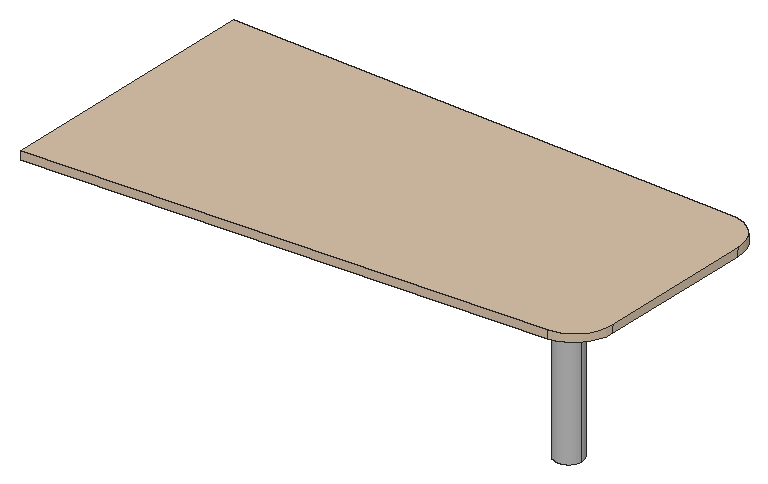
Revit family "Haworth_Masters_ConvergentWorktop-Wedge_Radius", category Furniture Systems, Revit 2018
Family settings
  Round Connector Dimension = Use Diameter
  Part Type = Normal
  OmniClass Number = 23.40.70.14.64.21
  OmniClass Title = Systems Furniture
  Work Plane-Based = No
  Always vertical = Yes
  Cut with Voids When Loaded = No
  Shared = No
  Room Calculation Point = No
Parameters (values of type "42d 84w Convergent Worktop - Wedge Radius with Column")
  Worksurface Finish [instance] = Haworth _ Wood _ White Oak
  Worksurface Edge Finish [instance] = Haworth _ Wood _ White Oak
  Warranty = "https://www.haworth.com/resources/product-info/warranties"
  URL - Product = "https://www.haworth.com/products/desks/freestanding/masters-series"
  Symbolic Lines = or(Height Adjustable, Hoop Leg)  # no
  Sustainability Info = "http://media.haworth.com/asset/94814/Masters%20series%20PEDS.pdf"
  Support Column = yes
  Leg Finish = Haworth _ Paint _ Metallic Champagne
  Model = "Masters"
  Min. Depth = if(Height Adjustable, 41", 42")  # 42"
  Max. Depth = if(Height Adjustable, 47", 48")  # 48"
  Hoop Leg = not(or(Height Adjustable, Support Column))  # no
  Height Adjustable = no
  Height = 30"
  Width = 84"
  URL = "www.haworth.com"
  Support Height = Actual Height - Worksurface Thickness  # 28 13/16"
  Size = "Verify Final Dim. w/ Haworth"  # constant formula
  Revision Number = "1"  # constant formula
  Min/Max Width = "60-84 in. @ 6 in. Increments"  # constant formula
  Min/Max Height = "28 11/16-32 11/16 in."  # constant formula
  Min. Width = if(Height Adjustable, 58", 60")  # 60"
  Max. Width = if(Height Adjustable, 82", 84")  # 84"
  Min. Height = 28 11/16"  # constant formula
  Max. Height = if(Height Adjustable, 46" + Worksurface Thickness, 31 1/2" + Worksurface Thickness)  # 32 11/16"
  Manufacturer = "Haworth"  # constant formula
  Support Offset = 1 1/4"  # constant formula
  Description = "Masters Worksurface Wedge Radius "
  Depth = 42"
  Custom Size = if(Height Adjustable, not(or(and(Depth = 41", or(Width = 58", Width = 64", Width = 70", Width = 76", Width = 82")), and(Depth = 47", or(Width = 58", Width = 64", Width = 70", Width = 76", Width = 82")))), not(or(and(Depth = 42", or(Width = 60", Width = 66", Width = 72", Width = 78", Width = 84")), and(Depth = 48", or(Width = 60", Width = 66", Width = 72", Width = 78", Width = 84")))))  # no
  Author = "SHAPE Environments, LLC"  # constant formula
  Assembly Code = "E2020200"
  Actual Width = if(Width > Max. Width, Max. Width, if(Width < Min. Width, Min. Width, Width))  # 84"
  Actual Support Depth = Actual Depth - (Support Offset * 2) - 6"  # 33 1/2"
  Actual Height = if(Height > Max. Height, Max. Height, if(Height < Min. Height, Min. Height, Height))  # 30"
  Worksurface Thickness = 1 3/16"  # constant formula
  Min/Max Depth = "34, 48 in."  # constant formula
  Actual Depth = if(Depth > Max. Depth, Max. Depth, if(Depth < Min. Depth, Min. Depth, Depth))  # 42"
Types (3): name | Symbolic Lines | Support Column | Min. Depth | Max. Depth | Hoop Leg | Height Adjustable | Width | Min. Width | Max. Width | Max. Height | Depth | Custom Size | Actual Width | Actual Support Depth | Actual Depth
  48d 84w Convergent Worktop - Wedge Radius with Hoop | yes | no | 42" | 48" | yes | no | 60" | 60" | 84" | 32 11/16" | 34" | yes | 60" | 33 1/2" | 42"
  48d 60w Convergent Worktop - Wedge Radius Height Adjustable | yes | no | 41" | 47" | no | yes | 82" | 58" | 82" | 47 3/16" | 47" | no | 82" | 38 1/2" | 47"
  42d 84w Convergent Worktop - Wedge Radius with Column | no | yes | 42" | 48" | no | no | 84" | 60" | 84" | 32 11/16" | 42" | no | 84" | 33 1/2" | 42"
Reference planes (in)
  plane 1 "Center F/B": y = 0
  plane 2 "Floor": z = 0
  plane 3 "Center L/R": x = 0
  plane 4 "Table Edge Left": x = -42
  plane 5 "Table Edge Right": x = 42
  plane 6 "Table Edge Back": y = -21
  plane 7 "Table Edge Front": y = 21
  plane 8 "Table Bottom": z = 30
  plane 9 "Support Front Offset": y = -19.75
  plane 10 "Support Back Offset": y = 19.75
  plane 11 "masking region": z = 28
  plane 12: x = 40.7
  plane 13: x = -40.7
  plane 14 "Center of short side": y = 3
  plane 15 "back of curve": x = 36
Lines and regions (in)
  Masking region 1
    outline origin (0, 0, 28) x (0, -1, 0) y (1, 0, 0)
      loop
        line (-21, -42) -> (21, -42) -> (15.55682, 36.61739)
        arc (15.55682, 36.61739) -> (13.6071, 40.45558) -> (9.58867, 42) r 6
        line (9.58867, 42) -> (-15, 42)
        arc (-15, 42) -> (-19.24264, 40.24264) -> (-21, 36) r 6
        line (-21, 36) -> (-21, -42)
  symbolic lines, style "Haworth Hidden", visible <- "Symbolic Lines", detail levels fine
    curve 1: line (36, -11.25, 0) -> (36, 17.25, 0)
  symbolic lines, style "Haworth Hidden", visible <- "Height Adjustable", detail levels fine
    curve 2: line (32.19922, -11.25, 0) -> (36, -11.25, 0)
    curve 3: line (32.19922, 17.25, 0) -> (32.19922, -11.25, 0)
    curve 4: line (36, 17.25, 0) -> (32.19922, 17.25, 0)
  symbolic lines, style "Haworth Hidden", visible <- "Hoop Leg", detail levels fine
    curve 5: line (34, -13.375, 0) -> (36, -13.375, 0)
    curve 6: line (34, 19.375, 0) -> (34, -13.375, 0)
    curve 7: line (36, 19.375, 0) -> (34, 19.375, 0)
    curve 8: line (36, 17.25, 0) -> (36, 19.375, 0)
    curve 9: line (36, -11.25, 0) -> (36, -13.375, 0)
  symbolic lines, style "Haworth Hidden", visible <- "Support Column", detail levels fine
    curve 10: arc (22.9, 3, 0) -> (25, 0.9, 0) -> (27.1, 3, 0) r 2.1
    curve 11: arc (27.1, 3, 0) -> (25, 5.1, 0) -> (22.9, 3, 0) r 2.1
Dimensions and locks (in)
  "Actual Depth": plane 7 "Table Edge Front" to plane 6 "Table Edge Back"
  "Actual Width": plane 4 "Table Edge Left" to plane 5 "Table Edge Right"
  equal spacing: plane 4 "Table Edge Left", plane 3 "Center L/R", plane 5 "Table Edge Right"
  equal spacing: plane 7 "Table Edge Front", plane 1 "Center F/B", plane 6 "Table Edge Back"
  "Support Offset": plane 9 "Support Front Offset" to plane 6 "Table Edge Back"
  "Support Offset": plane 7 "Table Edge Front" to plane 10 "Support Back Offset"
  "Actual Height": plane 8 "Table Bottom" to level
  locked: plane 8 "Table Bottom" to plane 11 "masking region" at 2
  plane 5 "Table Edge Right" to plane 12 = 1.3"
  plane 4 "Table Edge Left" to plane 13 = 1.3"
  locked: plane 1 "Center F/B" to plane 14 "Center of short side" at 3
  locked: plane 5 "Table Edge Right" to plane 15 "back of curve" at 6
  aligned and locked: Masking region 1 sketch curve to plane 7 "Table Edge Front"
  aligned and locked: plane 14 "Center of short side" to nested 1
  aligned and locked: plane 15 "back of curve" to nested 1
  aligned and locked: plane 15 "back of curve" to nested 3
  aligned and locked: plane 14 "Center of short side" to nested 3
  aligned and locked: Masking region 1 to plane 4 "Table Edge Left"
  aligned and locked: plane 5 "Table Edge Right" to Masking region 1
  aligned and locked: nested 2 to plane 4 "Table Edge Left"
  aligned and locked: plane 5 "Table Edge Right" to nested 2
  aligned and locked: plane 7 "Table Edge Front" to nested 2
Automatic sketch dimensions
  curve 9 to plane 15 "back of curve" = 0"
  curve 7 to plane 10 "Support Back Offset" = 3/8"
  curve 7 to plane 15 "back of curve" = 2"
  curve 4 to curve 6 = 1 205/256"
  curve 3 to plane 10 "Support Back Offset" = 2 1/2"
  plane 9 "Support Front Offset" to curve 1 = 8 1/2"
  curve 5 to curve 2 = 2 1/8"
  curve 10 to curve 11 = 0"  (x2)
  curve 10 to plane 14 "Center of short side" = 0"
  curve 11 to plane 15 "back of curve" = 11"
  curve 10 to curve 11 = 2.1"
  Masking region 1 sketch curve to plane 5 "Table Edge Right" = 0"
  Masking region 1 sketch curve to plane 15 "back of curve" = 0"  (x2)
  Masking region 1 sketch curve to plane 4 "Table Edge Left" = 0"
  Masking region 1 sketch curve to plane 6 "Table Edge Back" = 0"
  plane 1 "Center F/B" to Masking region 1 sketch curve = 9.58867"
  plane 15 "back of curve" to Masking region 1 sketch curve = 0.61739"
Nested families (in)
  nested 1: "Haworth_Worksurface-Support_Part-Masters" at (26.5, 12.61431, 0), type "Support"
    with Straight Support Extension 20 3/4", Hoop Leg Support Extension 29 5/8", Hoop Leg Bottom Support Extension 29 9/16", Angled Support Extension 17 1/2", Worksurface Depth 42", Support Hoop Leg no, Actual Depth 33 1/2"
  nested 2: "Haworth_Worksurface-Wedge Radius" at (0, -15, 0), type "Worksurface"
    with Actual Depth 42"
  nested 3: "Haworth_Worksurface-Adjustable-Support_Part-Masters" at (25.59961, 12.61431, 0), visible <- "Height Adjustable", type "Corner Support"
    with Shroud no, Worksurface Depth 1 3/16", Actual Depth 33 1/2"
Definition of nested family "Haworth_Worksurface-Support_Part-Masters"
  Parameters (values of type "Corner Support")
    Support Offset = 3/8"  # constant formula
    Worksurface Height = 30"
    Worksurface Depth = 30"
    Warranty = "www.haworth.com/en-us/Products/Pages/Certifications.aspx"
    URL - Product = "www.haworth.com/en-us/Spaces/2011-NeoCon/New-Products/Pages/Reside-Desking.aspx"
    URL = "www.haworth.com"
    Top Thickness = 1 3/16"
    Sustainability Info = "www.haworth.com/en-us/About-Us/Sustainability/Pages/Vision.aspx"
    Support Thickness = 2"  # constant formula
    Support Height = 28 13/16"
    Support Hoop Leg = no
    Straight Support Extension [instance] = 20 3/4"
    Spacer Depth = 15"  # constant formula
    Size = "Verify Final Dim. w/ Haworth"  # constant formula
    Revision Number = "1"  # constant formula
    Model = "Worksurface"
    Min/Max Height = "26-32 in."  # constant formula
    Min/Max Depth = "18-36 in."  # constant formula
    Min. Height = 20"  # constant formula
    Min. Depth = 18"  # constant formula
    Max. Height = 48"  # constant formula
    Max. Depth = 36"  # constant formula
    Manufacturer = "Haworth"  # constant formula
    Leg Finish = none
    LEED Data = "www2.haworth.com/Promo/Reside-Beside-Belong/LEED-Reside.pdf"
    Hoop Leg Support Extension [instance] = 29 5/8"
    Hoop Leg Bottom Support Extension [instance] = 29 9/16"
    Gap Depth = 3"  # constant formula
    Description = "Worksurface Support Reside"  # constant formula
    Corner Straight Support Extension = 5 3/4"  # constant formula
    Corner Angled Support Extension = 2 1/2"  # constant formula
    Column Support = yes
    Bottom Strut Thickness = 1"  # constant formula
    Bottom Strut Location = 9"  # constant formula
    Author = "SHAPE Environments, LLC"  # constant formula
    Assembly Code = "E2020200"
    Angled Support Extension [instance] = 17 1/2"
    Actual Height = 30"
    Actual Depth = 30"
  Types (2): name | Worksurface Height | URL - Product | Support Hoop Leg | LEED Data | Actual Depth
    Corner Support | 30" | "www.haworth.com/en-us/Spaces/2011-NeoCon/New-Products/Pages/Reside-Desking.aspx" | no | "www2.haworth.com/Promo/Reside-Beside-Belong/LEED-Reside.pdf" | 30"
    Support | 28 13/16" | "www.haworth.com/en-us/Products/Furniture/Systems/Desking-Systems/Pages/Compose.aspx" | yes | "www.haworth.com/en-us/Products/Furniture/Systems/Desking-Systems/Pages/Compose.aspx" | 27 1/2"
  Reference planes (in)
    plane 1: z = 0
    plane 2 "Center L/R": x = 8.5
    plane 3 "Support Left Edge": x = 7.5
    plane 4 "Support Right Edge": x = 9.5
    plane 5 "Back": y = 7.13569
    plane 6 "Front": y = -22.86431
    plane 7 "Support Top": z = 28.8125
    plane 8 "Mid Strut Top": z = 0.8125
    plane 9 "Mid Strut Bottom": z = 3.4375
    plane 10 "Top Strut Bottom": z = 27.625
    plane 11 "Front Support Exterior": y = -22.48931
    plane 12 "Front Support Interior": y = -21.48931
    plane 13 "Back Support Interior": y = 5.76069
    plane 14 "Back Support Exterior": y = 6.76069
    plane 15 "Center F/B": y = -7.86431
    plane 16 "Leg Top": z = 28.5625
    plane 17: x = -1.5
  Forms (in)
    Extrusion 1, solid, material <- "Leg Finish", visible <- "Support Hoop Leg"
      sketch origin (8.5, 0, 0) x (0, 1, 0) y (0, 0, 1)
        loop
          line (5.76069, 0.8125) -> (-21.48931, 0.8125) -> (-21.48931, 28.8125) -> (-22.48931, 28.8125) -> (-22.48931, 0) -> (6.76069, 0) -> (6.76069, 28.8125) -> (5.76069, 28.8125) -> (5.76069, 0.8125)
      from -1 to 1
    Extrusion 2, solid, material <- "Leg Finish", visible <- "Column Support"
      sketch origin (0, 0, 0) x (1, 0, 0) y (0, 1, 0)
        loop
          circle (-1.5, -7.86431) r 2.1
      from 0 to 28.8125
  Dimensions and locks (in)
    "Support Thickness": plane 3 "Support Left Edge" to plane 4 "Support Right Edge"
    equal spacing: plane 3 "Support Left Edge", plane 2 "Center L/R", plane 4 "Support Right Edge"
    "Actual Depth": plane 5 "Back" to plane 6 "Front"
    plane 7 "Support Top" to plane 10 "Top Strut Bottom" = 1 3/16"
    "Support Height": plane 7 "Support Top" to level
    locked: plane 5 "Back" to plane 14 "Back Support Exterior" at 0.375
    locked: plane 14 "Back Support Exterior" to plane 13 "Back Support Interior" at 1
    plane 12 "Front Support Interior" to plane 11 "Front Support Exterior" to plane 6 "Front" = 1" locked, 3/8" locked
    plane 7 "Support Top" to plane 9 "Mid Strut Bottom" = 25 3/8"
    equal spacing: plane 5 "Back", plane 15 "Center F/B", plane 6 "Front"
    plane 8 "Mid Strut Top" to level = 13/16"
    locked: plane 7 "Support Top" to plane 16 "Leg Top" at 0.25
    plane 17 to plane 2 "Center L/R" = 10"
    aligned and locked: plane 7 "Support Top" to Extrusion 2
    aligned and locked: Extrusion 2 to level
    aligned and locked: plane 4 "Support Right Edge" to Extrusion 1
    aligned and locked: plane 3 "Support Left Edge" to Extrusion 1
  Automatic sketch dimensions
    Extrusion 2 sketch curve to plane 15 "Center F/B" = 0"
    Extrusion 2 sketch curve to plane 17 = 0"
    Extrusion 1 sketch curve to level = 0"
    Extrusion 1 sketch curve to plane 11 "Front Support Exterior" = 0"
    Extrusion 1 sketch curve to plane 7 "Support Top" = 0"  (x2)
    Extrusion 1 sketch curve to plane 12 "Front Support Interior" = 0"
    Extrusion 1 sketch curve to plane 13 "Back Support Interior" = 0"
    Extrusion 1 sketch curve to plane 14 "Back Support Exterior" = 0"
    Extrusion 1 sketch curve to plane 8 "Mid Strut Top" = 0"
    radius of Extrusion 2 sketch curve = 2.1"
Definition of nested family "Haworth_Worksurface-Wedge Radius"
  Parameters (values of type "Worksurface")
    Width = 84"
    Warranty = ""
    URL - Product = ""
    URL = "www.haworth.com"
    Table Thickness = 1 3/16"
    Table Finish = none
    Table Edge Finish = none
    Sustainability Info = ""
    Squared Corners = yes
    Size = "Verify Final Dim. w/ Haworth"  # constant formula
    Rounded Corners = no
    Revision Number = ""
    OmniClass Number = ""
    Min/Max Width = "60-84 in. @ 6 in. Increments"
    Min/Max Height = "28 11/16-32 11/16 in."
    Min. Width = 60"
    Max. Width = 84"
    Min. Height = 28 11/16"
    Max. Height = 32 11/16"
    Material Options = ""
    Manufacturer = "Haworth"  # constant formula
    LEED Data = ""
    Height = 30"
    Author = "SHAPE Environments, LLC"  # constant formula
    Assembly Code = ""
    Actual Width = 84"
    Actual Height = 30"
    Actual Depth = 48"
  Reference planes (in)
    plane 1 "Center F/B": y = 15
    plane 2: z = 0
    plane 3 "Center L/R": x = 0
    plane 4 "Table Front": y = 39
    plane 5 "Table Right": x = 42
    plane 6 "Table Left": x = -42
    plane 7 "Table Back": y = -9
    plane 8 "Table Top": z = 30
    plane 9 "Table Bottom": z = 28.8125
  Forms (in)
    Extrusion 1, solid, material <- "Table Finish", visible <- "Squared Corners"
      sketch origin (0, 0, 0) x (1, 0, 0) y (0, 1, 0)
        loop
          line (-42, 39) -> (-42, -9) -> (36.61739, -3.55682)
          arc (36.61739, -3.55682) -> (40.45558, -1.6071) -> (42, 2.41133) r 6
          line (42, 2.41133) -> (42, 33)
          arc (42, 33) -> (40.24264, 37.24264) -> (36, 39) r 6
          line (36, 39) -> (-42, 39)
      from 28.8125 to 30
  Dimensions and locks (in)
    "Actual Depth": plane 7 "Table Back" to plane 4 "Table Front"
    "Actual Width": plane 6 "Table Left" to plane 5 "Table Right"
    equal spacing: plane 6 "Table Left", plane 3 "Center L/R", plane 5 "Table Right"
    equal spacing: plane 4 "Table Front", plane 1 "Center F/B", plane 7 "Table Back"
    "Table Thickness": plane 8 "Table Top" to plane 9 "Table Bottom"
    "Actual Height": plane 8 "Table Top" to level
    radius of Extrusion 1 sketch curve = 6"  (x2)
    aligned and locked: plane 6 "Table Left" to Extrusion 1 sketch curve
    aligned and locked: Extrusion 1 sketch curve to plane 4 "Table Front"
    aligned and locked: plane 5 "Table Right" to Extrusion 1 sketch curve
    aligned and locked: plane 8 "Table Top" to Extrusion 1
    aligned and locked: Extrusion 1 to plane 9 "Table Bottom"
  Automatic sketch dimensions
    Extrusion 1 sketch curve to plane 7 "Table Back" = 5.44318"
    Extrusion 1 sketch curve to plane 5 "Table Right" = 0"
    plane 7 "Table Back" to Extrusion 1 sketch curve = 0"
    plane 5 "Table Right" to Extrusion 1 sketch curve = 5.38261"
Definition of nested family "Haworth_Worksurface-Adjustable-Support_Part-Masters"
  Parameters (values of type "Corner Support")
    Wedge support offset = if(Worksurface Depth = 30", 4", if(Worksurface Depth = 36", 7", if(Worksurface Depth = 42", 2 205/256", 4")))  # 4"
    Support Offset = 3/8"  # constant formula
    Worksurface Height = 30"
    Worksurface Depth = 30"
    Warranty = "www.haworth.com/en-us/Products/Pages/Certifications.aspx"
    URL - Product = "www.haworth.com/en-us/Spaces/2011-NeoCon/New-Products/Pages/Reside-Desking.aspx"
    URL = "www.haworth.com"
    Top Thickness = 1 3/16"
    Sustainability Info = "www.haworth.com/en-us/About-Us/Sustainability/Pages/Vision.aspx"
    Support Thickness = 3 205/256"  # constant formula
    Support Height = Worksurface Height - Top Thickness  # 28 13/16"
    Spacer Depth = 15"  # constant formula
    Size = "Verify Final Dim. w/ Haworth"  # constant formula
    Shroud [instance] = yes
    Revision Number = "1"  # constant formula
    Panel Finish = none
    Model = "Worksurface"
    Min/Max Height = "26-32 in."  # constant formula
    Min/Max Depth = "18-36 in."  # constant formula
    Min. Height = 20"  # constant formula
    Min. Depth = 18"  # constant formula
    Max. Height = 48"  # constant formula
    Max. Depth = 36"  # constant formula
    Manufacturer = "Haworth"  # constant formula
    Leg Finish = none
    LEED Data = "www2.haworth.com/Promo/Reside-Beside-Belong/LEED-Reside.pdf"
    Gap Depth = 3"  # constant formula
    Description = "Worksurface Support Reside"  # constant formula
    Corner Straight Support Extension = 5 3/4"  # constant formula
    Corner Angled Support Extension = 2 1/2"  # constant formula
    Bottom Strut Thickness = 1"  # constant formula
    Bottom Strut Location = 9"  # constant formula
    Author = "SHAPE Environments, LLC"  # constant formula
    Assembly Code = "E2020200"
    Actual Height = 30"
    Actual Depth = 30"
  Types (2): name | Worksurface Height | URL - Product | Support Height | LEED Data | Actual Depth
    Corner Support | 30" | "www.haworth.com/en-us/Spaces/2011-NeoCon/New-Products/Pages/Reside-Desking.aspx" | 28 13/16" | "www2.haworth.com/Promo/Reside-Beside-Belong/LEED-Reside.pdf" | 30"
    Support | 28 13/16" | "www.haworth.com/en-us/Products/Furniture/Systems/Desking-Systems/Pages/Compose.aspx" | 27 5/8" | "www.haworth.com/en-us/Products/Furniture/Systems/Desking-Systems/Pages/Compose.aspx" | 27 1/2"
  Reference planes (in)
    plane 1: z = 0
    plane 2 "Center L/R": x = 8.5
    plane 3 "Support Left Edge": x = 6.59961
    plane 4 "Support Right Edge": x = 10.40039
    plane 5 "Back": y = 7.13569
    plane 6 "Front": y = -22.86431
    plane 7 "Support Top": z = 28.8125
    plane 8 "Mid Strut Top": z = 0.8125
    plane 9 "Mid Strut Bottom": z = 3.4375
    plane 10 "Top Strut Bottom": z = 27.625
    plane 11 "Front Support Exterior": y = -20.36431
    plane 12 "Front Support Interior": y = -16.36431
    plane 13 "Back Support Interior": y = 0.63569
    plane 14 "Back Support Exterior": y = 4.63569
    plane 15 "Center F/B": y = -7.86431
    plane 16 "Leg Top": z = 28.5625
    plane 17: z = 25.3125
  Forms (in)
    Extrusion 1, solid, material <- "Leg Finish"
      sketch origin (8.5, 0, 0) x (0, 1, 0) y (0, 0, 1)
        loop
          line (4.63569, 0) -> (4.63569, 0.8125) -> (-20.36431, 0.8125) -> (-20.36431, 0) -> (4.63569, 0)
      from -1.90039 to 1.90039
    Extrusion 2, solid, material <- "Leg Finish"
      sketch origin (8.5, 0, 0) x (0, 1, 0) y (0, 0, 1)
        loop
          line (-6.56431, 0.8125) -> (-6.56431, 25.3125) -> (-9.16431, 25.3125) -> (-9.16431, 0.8125) -> (-6.56431, 0.8125)
      from -1.30078 to 1.30078
    Extrusion 3, solid, material <- "Leg Finish"
      sketch origin (8.5, 0, 0) x (0, 1, 0) y (0, 0, 1)
        loop
          line (-6.71431, 25.3125) -> (-6.71431, 28.8125) -> (-9.01431, 28.8125) -> (-9.01431, 25.3125) -> (-6.71431, 25.3125)
      from -1.14844 to 0.90039
    Extrusion 4, solid, material <- "Leg Finish"
      sketch origin (10.40039, 0, 0) x (0, 1, 0) y (0, 0, 1)
        loop
          line (0.63569, 28.5625) -> (0.63569, 28.8125) -> (-16.36431, 28.8125) -> (-16.36431, 28.5625) -> (-9.80762, 26.51695) -> (-5.921, 26.51695) -> (0.63569, 28.5625)
      from -1 to 0
    Extrusion 5, solid, material <- "Panel Finish", visible <- "Shroud"
      sketch origin (0, 0, 0) x (1, 0, 0) y (0, 1, 0)
        loop
          line (5.84961, 5.38569) -> (5.84961, -21.11431) -> (6.59961, -21.11431) -> (11.15039, -21.11431) -> (11.15039, -20.36431) -> (11.15039, 5.38569) -> (10.40039, 5.38569) -> (5.84961, 5.38569)
        loop
          line (7.19922, -6.56431) -> (7.19922, -9.16431) -> (9.80078, -9.16431) -> (9.80078, -6.56431) -> (7.19922, -6.56431)
      from 0.5 to 21.5
  Dimensions and locks (in)
    "Support Thickness": plane 3 "Support Left Edge" to plane 4 "Support Right Edge"
    equal spacing: plane 3 "Support Left Edge", plane 2 "Center L/R", plane 4 "Support Right Edge"
    "Actual Depth": plane 5 "Back" to plane 6 "Front"
    plane 7 "Support Top" to plane 10 "Top Strut Bottom" = 1 3/16"
    "Support Height": plane 7 "Support Top" to level
    "Wedge support offset": plane 14 "Back Support Exterior" to plane 13 "Back Support Interior"
    plane 7 "Support Top" to plane 9 "Mid Strut Bottom" = 25 3/8"
    equal spacing: plane 5 "Back", plane 15 "Center F/B", plane 6 "Front"
    plane 8 "Mid Strut Top" to level = 13/16"
    locked: plane 7 "Support Top" to plane 16 "Leg Top" at 0.25
    locked: Extrusion 4 sketch curve to Extrusion 4 sketch curve at 2.29555
    locked: Extrusion 4 sketch curve to Extrusion 4 sketch curve at 0.25  (x2)
    plane 5 "Back" to plane 6 "Front" = 30"
    locked: plane 5 "Back" to plane 14 "Back Support Exterior" at 2.5
    locked: plane 11 "Front Support Exterior" to plane 6 "Front" at 2.5
    "Wedge support offset": plane 12 "Front Support Interior" to plane 11 "Front Support Exterior"
    locked: Extrusion 5 sketch curve to Extrusion 1 at 0.75  (x3)
    locked: Extrusion 1 to Extrusion 5 sketch curve at 0.75
    aligned and locked: plane 4 "Support Right Edge" to Extrusion 1
    aligned and locked: plane 3 "Support Left Edge" to Extrusion 1
    aligned and locked: plane 17 to Extrusion 2
    aligned and locked: plane 17 to Extrusion 3 sketch curve
    aligned and locked: Extrusion 3 sketch curve to plane 7 "Support Top"
    aligned and locked: plane 13 "Back Support Interior" to Extrusion 4 sketch curve
    aligned and locked: Extrusion 4 sketch curve to plane 7 "Support Top"
    aligned and locked: Extrusion 4 to Extrusion 3
    aligned and locked: plane 4 "Support Right Edge" to Extrusion 4
    aligned and locked: Extrusion 4 sketch curve to plane 13 "Back Support Interior"
    aligned and locked: plane 12 "Front Support Interior" to Extrusion 4 sketch curve
  Automatic sketch dimensions
    Extrusion 1 sketch curve to level = 0"
    Extrusion 1 sketch curve to plane 11 "Front Support Exterior" = 0"
    Extrusion 1 sketch curve to plane 8 "Mid Strut Top" = 0"
    Extrusion 1 sketch curve to plane 14 "Back Support Exterior" = 0"
    Extrusion 2 sketch curve to plane 8 "Mid Strut Top" = 0"
    Extrusion 2 sketch curve to plane 17 = 0"
    Extrusion 2 sketch curve to plane 15 "Center F/B" = 1.3"
    plane 15 "Center F/B" to Extrusion 2 sketch curve = 1.3"
    Extrusion 3 sketch curve to plane 15 "Center F/B" = 1.15"
    plane 15 "Center F/B" to Extrusion 3 sketch curve = 1.15"
    Extrusion 4 sketch curve to plane 15 "Center F/B" = 1.94331"
    plane 15 "Center F/B" to Extrusion 4 sketch curve = 1.94331"
    Extrusion 5 sketch curve to plane 3 "Support Left Edge" = 0"
    Extrusion 5 sketch curve to plane 4 "Support Right Edge" = 0"
    plane 11 "Front Support Exterior" to Extrusion 5 sketch curve = 0"
    Extrusion 5 sketch curve to plane 3 "Support Left Edge" = 0.59961"
    Extrusion 5 sketch curve to plane 4 "Support Right Edge" = 0.59961"
    Extrusion 5 sketch curve to plane 15 "Center F/B" = 1.3"
    plane 15 "Center F/B" to Extrusion 5 sketch curve = 1.3"
Types in the file's own list only (30): name | Symbolic Lines | Support Column | Min. Depth | Max. Depth | Hoop Leg | Height Adjustable | Width | Min. Width | Max. Width | Max. Height | Description | Depth | Actual Width | Actual Support Depth | Actual Depth
  41d 58w - Wedge Radius - Height Adjustable | Yes | No | 41" | 47" | No | Yes | 58" | 58" | 82" | 47 3/16" | "41d 58w - Wedge Radius - Height Adjustable" | 41" | 58" | 32 1/2" | 41"
  41d 64w - Wedge Radius - Height Adjustable | Yes | No | 41" | 47" | No | Yes | 64" | 58" | 82" | 47 3/16" | "41d 64w - Wedge Radius - Height Adjustable" | 41" | 64" | 32 1/2" | 41"
  41d 70w - Wedge Radius - Height Adjustable | Yes | No | 41" | 47" | No | Yes | 70" | 58" | 82" | 47 3/16" | "41d 70w - Wedge Radius - Height Adjustable" | 41" | 70" | 32 1/2" | 41"
  41d 76w - Wedge Radius - Height Adjustable | Yes | No | 41" | 47" | No | Yes | 76" | 58" | 82" | 47 3/16" | "41d 76w - Wedge Radius - Height Adjustable" | 41" | 76" | 32 1/2" | 41"
  41d 82w - Wedge Radius - Height Adjustable | Yes | No | 41" | 47" | No | Yes | 82" | 58" | 82" | 47 3/16" | "41d 82w - Wedge Radius - Height Adjustable" | 41" | 82" | 32 1/2" | 41"
  47d 58w - Wedge Radius - Height Adjustable | Yes | No | 41" | 47" | No | Yes | 58" | 58" | 82" | 47 3/16" | "47d 58w - Wedge Radius - Height Adjustable" | 47" | 58" | 38 1/2" | 47"
  47d 64w - Wedge Radius - Height Adjustable | Yes | No | 41" | 47" | No | Yes | 64" | 58" | 82" | 47 3/16" | "47d 64w - Wedge Radius - Height Adjustable" | 47" | 64" | 38 1/2" | 47"
  47d 70w - Wedge Radius - Height Adjustable | Yes | No | 41" | 47" | No | Yes | 70" | 58" | 82" | 47 3/16" | "47d 70w - Wedge Radius - Height Adjustable" | 47" | 70" | 38 1/2" | 47"
  47d 76w - Wedge Radius - Height Adjustable | Yes | No | 41" | 47" | No | Yes | 76" | 58" | 82" | 47 3/16" | "47d 76w - Wedge Radius - Height Adjustable" | 47" | 76" | 38 1/2" | 47"
  47d 82w - Wedge Radius - Height Adjustable | Yes | No | 41" | 47" | No | Yes | 82" | 58" | 82" | 47 3/16" | "47d 82w - Wedge Radius - Height Adjustable" | 47" | 82" | 38 1/2" | 47"
  42d 60w - Wedge Radius - Column | No | Yes | 42" | 48" | No | No | 60" | 60" | 84" | 32 11/16" | "42d 60w - Wedge Radius - Column" | 42" | 60" | 33 1/2" | 42"
  42d 66w - Wedge Radius - Column | No | Yes | 42" | 48" | No | No | 66" | 60" | 84" | 32 11/16" | "42d 66w - Wedge Radius - Column" | 42" | 66" | 33 1/2" | 42"
  42d 72w - Wedge Radius - Column | No | Yes | 42" | 48" | No | No | 72" | 60" | 84" | 32 11/16" | "42d 72w - Wedge Radius - Column" | 42" | 72" | 33 1/2" | 42"
  42d 78w - Wedge Radius - Column | No | Yes | 42" | 48" | No | No | 78" | 60" | 84" | 32 11/16" | "42d 78w - Wedge Radius - Column" | 42" | 78" | 33 1/2" | 42"
  42d 84w - Wedge Radius - Column | No | Yes | 42" | 48" | No | No | 84" | 60" | 84" | 32 11/16" | "42d 84w - Wedge Radius - Column" | 42" | 84" | 33 1/2" | 42"
  48d 60w - Wedge Radius - Column | No | Yes | 42" | 48" | No | No | 60" | 60" | 84" | 32 11/16" | "48d 60w - Wedge Radius - Column" | 48" | 60" | 39 1/2" | 48"
  48d 66w - Wedge Radius - Column | No | Yes | 42" | 48" | No | No | 66" | 60" | 84" | 32 11/16" | "48d 66w - Wedge Radius - Column" | 48" | 66" | 39 1/2" | 48"
  48d 72w - Wedge Radius - Column | No | Yes | 42" | 48" | No | No | 72" | 60" | 84" | 32 11/16" | "48d 72w - Wedge Radius - Column" | 48" | 72" | 39 1/2" | 48"
  48d 78w - Wedge Radius - Column | No | Yes | 42" | 48" | No | No | 78" | 60" | 84" | 32 11/16" | "48d 78w - Wedge Radius - Column" | 48" | 78" | 39 1/2" | 48"
  48d 84w - Wedge Radius - Column | No | Yes | 42" | 48" | No | No | 84" | 60" | 84" | 32 11/16" | "48d 84w - Wedge Radius - Column" | 48" | 84" | 39 1/2" | 48"
  42d 60w - Wedge Radius - Hoop | Yes | No | 42" | 48" | Yes | No | 60" | 60" | 84" | 32 11/16" | "42d 60w - Wedge Radius - Hoop" | 42" | 60" | 33 1/2" | 42"
  42d 66w - Wedge Radius - Hoop | Yes | No | 42" | 48" | Yes | No | 66" | 60" | 84" | 32 11/16" | "42d 66w - Wedge Radius - Hoop" | 42" | 66" | 33 1/2" | 42"
  42d 72w - Wedge Radius - Hoop | Yes | No | 42" | 48" | Yes | No | 72" | 60" | 84" | 32 11/16" | "42d 72w - Wedge Radius - Hoop" | 42" | 72" | 33 1/2" | 42"
  42d 78w - Wedge Radius - Hoop | Yes | No | 42" | 48" | Yes | No | 78" | 60" | 84" | 32 11/16" | "42d 78w - Wedge Radius - Hoop" | 42" | 78" | 33 1/2" | 42"
  42d 84w - Wedge Radius - Hoop | Yes | No | 42" | 48" | Yes | No | 84" | 60" | 84" | 32 11/16" | "42d 84w - Wedge Radius - Hoop" | 42" | 84" | 33 1/2" | 42"
  48d 60w - Wedge Radius - Hoop | Yes | No | 42" | 48" | Yes | No | 60" | 60" | 84" | 32 11/16" | "48d 60w - Wedge Radius - Hoop" | 48" | 60" | 39 1/2" | 48"
  48d 66w - Wedge Radius - Hoop | Yes | No | 42" | 48" | Yes | No | 66" | 60" | 84" | 32 11/16" | "48d 66w - Wedge Radius - Hoop" | 48" | 66" | 39 1/2" | 48"
  48d 72w - Wedge Radius - Hoop | Yes | No | 42" | 48" | Yes | No | 72" | 60" | 84" | 32 11/16" | "48d 72w - Wedge Radius - Hoop" | 48" | 72" | 39 1/2" | 48"
  48d 78w - Wedge Radius - Hoop | Yes | No | 42" | 48" | Yes | No | 78" | 60" | 84" | 32 11/16" | "48d 78w - Wedge Radius - Hoop" | 48" | 78" | 39 1/2" | 48"
  48d 84w - Wedge Radius - Hoop | Yes | No | 42" | 48" | Yes | No | 84" | 60" | 84" | 32 11/16" | "48d 84w - Wedge Radius - Hoop" | 48" | 84" | 39 1/2" | 48"
